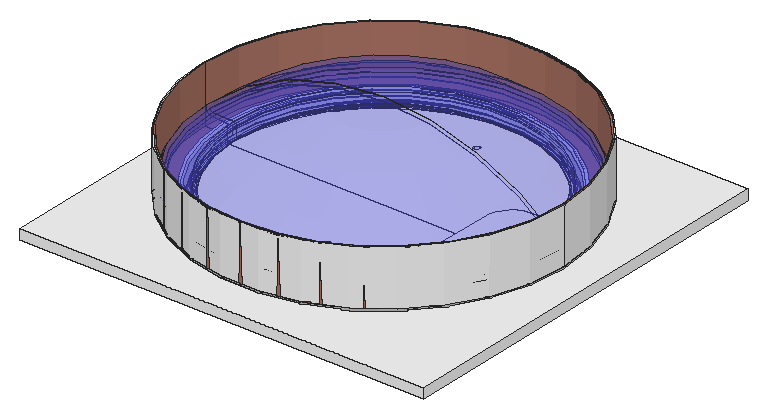
Revit family "BE_51078.6_de_DE", category Leuchten, Revit 2020
Family settings
  Basisbauteil = Fläche
  Bemaßung runder Anschluss = Durchmesser verwenden
  Teiletyp = Normal
  Beim Laden mit Abzugskörper schneiden = Ja
  Lichtquelle = Ja
  Gemeinsam genutzt = Nein
  Raumberechnungspunkt = Ja
Parameters (values of type "BEGA_51078.6_K3")
  built-in parameter 1150104 = 13.971 (stored number, unit not read)
  Wattage = 26.4 W
  Default Elevation = 0 mm
  built-in parameter 1150113 = 1 (stored number, unit not read)
  built-in parameter 1114218 = 1 (stored number, unit not read)
  Umgebungstemperatur = "25 °C"
  URL = "https://www.bega.com/de/produkt/51078.6"
  Typenkommentare = "© 2022 BEGA. Wir behalten uns das Recht vor, technische Änderungen ohne vorherige Ankündigung vorzunehmen."  # constant formula
  built-in parameter 1150134 = (empty or 0)
  built-in parameter 1150109 = 1 (stored number, unit not read)
  Strom = ""
  built-in parameter 1150110 = 1 (stored number, unit not read)
  Spannung = 239.996 V
  Sonderanfertigung = no
  Seriennummer [instance] = "Hier können Sie die eindeutige Seriennummer für das Facility Management eintragen."
  Schutzklasse = "I"
  Schutzart = "IP 20"
  Scheinlast = 0 VA
  Produktdatenblatt = "https://cdn.bega.com/bega/products/51078.6K3/current/documents/data-sheets/de"
  Oberflächentemperatur = ""
  Neigungswinkel = 0.00°
  Modell = "51078.6K3"
  Material_34 = BEGA_Oberfläche_Samtweiss_matt
  Material_29 = BEGA_Oberfläche_Kupfer_matt
  Material_14 = BEGA_Kunststoff_opal
  M_W = no
  M_G = no
  M_A = no
  Logo = 0
  built-in parameter 1114217 = 1 (stored number, unit not read)
  built-in parameter 1150139 = (empty or 0)
  built-in parameter 1150105 = 315.93 (stored number, unit not read)
  built-in parameter 1150114 = 1 (stored number, unit not read)
  Lumens = 3970.03 lm
  built-in parameter 1150115 = 1 (stored number, unit not read)
  Leuchtenlichtstrom = "2682 lm"
  Leuchtenanzahl = ""
  Lebensdauerkriterien = "L70B50 @ 25 °C = 195000 h"
  Lastklassifizierung = Beleuchtung
  built-in parameter 1150112 = 1 (stored number, unit not read)
  Lampenlichtstrom = "3970 lm"
  Lampe = "LED 26.4 W"
  LED_Modulbezeichnung = "LED-0510/930"
  Hersteller = "BEGA"  # constant formula
  Halbstreuwinkel = ""
  Gewicht = "2.35 kg"
  Gebrauchslageneinschränkung [instance] = ""
  Frequenz = "0/50-60 Hz"
  Farbwiedergabeindex = "CRI > 90"
  Farbtemperaturverschiebung bei Dämpfen der Lampe = <Keine Auswahl>
  Farbtemperatur = "3000 K"
  Color Filter = 16777215
  built-in parameter 1150133 = 10 (stored number, unit not read)
  Energieeffizienzklasse = "LED A++ - A"
  built-in parameter 1150137 = (empty or 0)
  built-in parameter 1150132 = (empty or 0)
  ENEC = ""
  Dimmbar [instance] = "DALI"
  Datei für fotometrisches Netz = "BE_51078-6K3.ies"
  CE_Konformität = "ja"
  Bestellnummer = "51078.6K3"
  Beschreibung_Sonderanfertigung = "Hier können Sie Informationen zur Sonderanfertigung eintragen."
  Beschreibung = "Deckenleuchte"
  built-in parameter 1150106 = 3.1593 (stored number, unit not read)
  Befestigungsbohrung = "Ø 5,5 mm"
  Befestigungsabstand = "230 mm"
  Ballwurfsicher = ""
  BEGA_Intern_aus = yes
  BEGA_Intern_an = yes
  BEGA_Intern_Konstruktion = yes
  BEGA_Intern = yes
  BEGA_IES = yes
  BEGA_Dummy = no
  Anschlussleitung = ""
  Anschlussleistung [instance] = "29.4 W"
  Anschlusskasten = ""
  built-in parameter 1150107 = 3000 (stored number, unit not read)
  built-in parameter 1150102 = (empty or 0)
  built-in parameter 1150138 = (empty or 0)
  Aktualisierung = "2022-12-20T04:00:02"
  Abstand_zur_angestrahlten_Fläche [instance] = ""
  AC/DC = "AC/DC"
Reference planes
  plane 1 "Mitte (Vorne/Hinten)": y = 0
  plane 2: z = 0
  plane 3 "Mitte (Links/Rechts)": x = 0
  plane 4 "Links": x = -179.192
  plane 5 "Rechts": x = 179.192
  plane 6 "Unten": y = -179.192
  plane 7 "Oben": y = 179.192
  plane 8 "Vorne": z = 99.046
  plane 9 "Hinten": z = 0
Forms (mm)
  Extrusion 1, solid, material "BEGA_Platte_Weiss"
    sketch origin (0, -1119.2, 0) x (1, 0, 0) y (0, 1, 0)
      loop
        line (-200, 1319.2) -> (-200, 919.2) -> (200, 919.2) -> (200, 1319.2) -> (-200, 1319.2)
    from 0 to -10
  Extrusion 2, solid, material "BEGA_Dummy_matt", visible <- "BEGA_Dummy"
    sketch origin (77.149, -76.023, 0) x (1, 0, 0) y (0, 1, 0)
      loop
        circle (-77.149, 76.023) r 179.192
    from 0 to 99.046
Dimensions and locks
  plane 1 "Mitte (Vorne/Hinten)" to Extrusion 1 = 200 mm
  aligned and locked: plane 2 to Extrusion 1
  aligned and locked: Extrusion 1 to level
Nested families
  nested 1: "BE_51078.6_Leuchte" at (0, 0, 0), type "BE_51078.6_Leuchte"
Connectors
  electrical at (0, 0, 0), driven by "Lastklassifizierung", driven by "Spannung", driven by "Scheinlast"
    settings: index 1, voltage 239.996 V, apparent load 0 VA, apparent load phase1 0 VA, apparent load phase2 0 VA, apparent load phase3 0 VA, power factor 1, load classification "Beleuchtung", number of poles 1, system type 31, power factor state 1, is connector primary yes, connector utility no, sub classification motor no, connector description ""
Definition of nested family "BE_51078.6_Leuchte"
  Parameters (values of type "BE_51078.6_Leuchte")
    Default Elevation = 1 mm
    URL = "http://www.bega.de/de/produkt"
    Type Comments = "© 2015 BEGA. Wir behalten uns das Recht vor, technische Änderungen ohne vorherige Ankündigung vorzunehmen. "  # constant formula
    Type Image = (empty or 0)
    Material_34 = none
    Material_29 = none
    Material_14 = none
    Länge_Platte = 200 mm  # constant formula
    Höhe_Platte = -10 mm  # constant formula
    Manufacturer = "BEGA"  # constant formula
    Breite_Platte = 200 mm  # constant formula
  Reference planes
    plane 1 "Mitte (Oben/Unten)": y = 0
    plane 2: z = 0
    plane 3 "Mitte (Links/Rechts)": x = 0
    plane 4: z = 99.046
    plane 5: z = 0
    plane 6: x = 179.192
    plane 7: x = -179.192
    plane 8: y = 179.192
    plane 9: y = -179.192
  Forms (mm)
    Extrusion 1, solid, detail levels medium
      sketch origin (0, 0, 0) x (1, 0, 0) y (0, 1, 0)
        loop
          line (-100, 100) -> (-100, -100) -> (100, -100) -> (100, 100) -> (-100, 100)
      from 0 to -10 <- "Höhe_Platte"
    Revolve 2, solid, material <- "Material_34"
      sketch origin (0, 0, 0) x (1, 0, 0) y (0, 0, 1)
        loop
          line (179.192, 66.993) -> (178.192, 66.997) -> (178.192, 11.994)
          arc (178.192, 11.994) -> (177.755, 10.939) -> (176.699, 10.501) r 1.493
          line (176.699, 10.501) -> (157.14, 10.501) -> (156.999, 2.422)
          arc (156.999, 2.422) -> (156.55, 1.414) -> (155.526, 1) r 1.474
          line (155.526, 1) -> (152, 1) -> (152, 0) -> (155.5, 0)
          arc (155.5, 0) -> (157.252, 0.717) -> (158, 2.456) r 2.5
          line (158, 2.456) -> (158.123, 9.5) -> (176.5, 9.5)
          arc (176.5, 9.5) -> (178.265, 10.229) -> (179, 11.991) r 2.5
          line (179, 11.991) -> (179.192, 66.993)
        axis (0, 0) -> (0, 66.997)
      angle from 0 to 360
    Revolve 3, solid, material <- "Material_34"
      sketch origin (0, 0, 0) x (1, 0, 0) y (0, 0, 1)
        loop
          arc (156.831, 21) -> (155.565, 20.486) -> (155.025, 19.231) r 1.8
          line (155.025, 19.231) -> (154.767, 4.483)
          arc (154.767, 4.483) -> (154.467, 3.786) -> (153.765, 3.5) r 1
          line (153.765, 3.5) -> (0, 3.5) -> (0, 2.5) -> (153.767, 2.5)
          arc (153.767, 2.5) -> (155.169, 3.073) -> (155.767, 4.465) r 2
          line (155.767, 4.465) -> (156.024, 19.214)
          arc (156.024, 19.214) -> (156.265, 19.772) -> (156.829, 20) r 0.8
          line (156.829, 20) -> (159, 20) -> (159, 21) -> (156.831, 21)
        axis (0, 2.5) -> (0, 21)
      angle from 0 to 360
    Extrusion 4, solid, material <- "Material_34"
      sketch origin (0, 0, 0) x (1, 0, 0) y (0, 1, 0)
        loop
          circle (0, 115) r 7.599
        loop
          circle (0, -115) r 7.599
      from 0 to 2.496
    Extrusion 5, void
      sketch origin (0, 0, 0) x (1, 0, 0) y (0, 1, 0)
        loop
          circle (0, 115) r 2.75
        loop
          circle (0, -115) r 2.75
      from 0 to 3.5
    Extrusion 6, solid, material <- "Material_34"
      sketch origin (0, 0, 0) x (1, 0, 0) y (0, 1, 0)
        loop
          arc (132.763, 31.165) -> (103.397, 51.798) -> (79.523, 25) r 26.977
          line (79.523, 25) -> (79.523, -25)
          arc (79.523, -25) -> (103.397, -51.798) -> (132.763, -31.165) r 26.977
          arc (132.763, -31.165) -> (136.372, 0) -> (132.763, 31.165) r 136.372
      from 0 to 10.372
    Extrusion 7, void
      sketch origin (0, 0, 0) x (1, 0, 0) y (0, 1, 0)
        loop
          circle (115, 20) r 5
        loop
          circle (115, -20) r 5
      from 0 to 10.378
    Revolve 8, solid, material <- "Material_14"
      sketch origin (0, 0, 0) x (1, 0, 0) y (0, 0, 1)
        loop
          line (0, 99) -> (0, 95.002)
          arc (0, 95.002) -> (91.349, 78.078) -> (170.572, 29.553) r 255
          arc (170.572, 29.553) -> (171.135, 27.446) -> (169.438, 26.077) r 2
          line (169.438, 26.077) -> (148.779, 24.994)
          arc (148.779, 24.994) -> (146.42, 24.057) -> (145.1, 21.889) r 4
          line (145.1, 21.889) -> (145.1, 11.674)
          arc (145.1, 11.674) -> (145.499, 10.179) -> (146.589, 9.081) r 3.001
          line (146.589, 9.081) -> (148.759, 7.828)
          arc (148.759, 7.828) -> (149.782, 6.844) -> (150.238, 5.5) r 3.001
          line (150.238, 5.5) -> (154.25, 5.5) -> (154.25, 8.816)
          arc (154.25, 8.816) -> (154.143, 9.216) -> (153.85, 9.509) r 0.8
          line (153.85, 9.509) -> (149.398, 12.079)
          arc (149.398, 12.079) -> (149.106, 12.374) -> (149, 12.775) r 0.8
          line (149, 12.775) -> (149, 17) -> (149, 20.051)
          arc (149, 20.051) -> (149.275, 20.739) -> (149.948, 21.05) r 1
          line (149.948, 21.05) -> (169.545, 22.077)
          arc (169.545, 22.077) -> (174.883, 26.053) -> (173.266, 32.51) r 6
          arc (173.266, 32.51) -> (92.793, 81.807) -> (0, 99) r 258.999
        axis (0, 5.5) -> (0, 99)
      angle from 0 to 360
    Revolve 9, solid, material <- "Material_29"
      sketch origin (0, 0, 0) x (1, 0, 0) y (0, 0, 1)
        loop
          line (178.194, 66.993) -> (177.194, 66.993) -> (177.194, 11.501) -> (156.157, 11.501) -> (155.991, 2) -> (152, 2) -> (152, 1) -> (155.577, 1)
          arc (155.577, 1) -> (156.582, 1.417) -> (156.999, 2.422) r 1.422
          line (156.999, 2.422) -> (157.14, 10.501) -> (176.699, 10.501)
          arc (176.699, 10.501) -> (177.756, 10.939) -> (178.194, 11.996) r 1.494
          line (178.194, 11.996) -> (178.194, 66.993)
        axis (0, 1) -> (0, 66.993)
      angle from 0 to 360
  Cuts and joins
    Extrusion 5, Extrusion 7 cuts Revolve 3
    Extrusion 5, Extrusion 7 cuts Extrusion 4
    Extrusion 7 cuts Extrusion 6
    joined: Revolve 3, Extrusion 4, Extrusion 6
  Dimensions and locks
    equal spacing: Extrusion 1 sketch curve, plane 3 "Mitte (Links/Rechts)", Extrusion 1 sketch curve
    equal spacing: Extrusion 1 sketch curve, plane 1 "Mitte (Oben/Unten)", Extrusion 1 sketch curve
    "Länge_Platte": Extrusion 1 sketch curve to Extrusion 1 sketch curve
    "Breite_Platte": Extrusion 1 sketch curve to Extrusion 1 sketch curve
    plane 1 "Mitte (Oben/Unten)" to Extrusion 1 = 100 mm  (x3)
    locked: plane 5 to level
    aligned and locked: plane 2 to Extrusion 1
    aligned and locked: level to Extrusion 1
  Automatic sketch dimensions
    Revolve 3 sketch curve to Revolve 3 sketch curve = 0 mm  (x12)
    Revolve 3 sketch curve to Revolve 3 sketch curve = 3.057 mm
    Revolve 3 sketch curve to Revolve 3 sketch curve = 0.004 mm
    Revolve 3 sketch curve to Revolve 3 sketch curve = 0.002 mm  (x2)
    Revolve 3 sketch curve to Revolve 3 sketch curve = 2.169 mm
    Revolve 3 sketch curve to Revolve 3 sketch curve = 14.7 mm
    Revolve 3 sketch curve to Revolve 3 sketch curve = 0.8 mm  (x2)
    Revolve 3 sketch curve to Revolve 3 sketch curve = 1 mm  (x4)
    Revolve 3 sketch curve to Revolve 3 sketch curve = 153.767 mm
    level to Revolve 3 sketch curve = 4.483 mm
    level to Revolve 3 sketch curve = 19.231 mm
    Revolve 3 sketch curve to Revolve 3 sketch curve = 1.8 mm
    level to Revolve 3 sketch curve = 4.465 mm
    level to Revolve 3 sketch curve = 19.214 mm
    Revolve 3 sketch curve to plane 3 "Mitte (Links/Rechts)" = 0 mm
    level to Revolve 3 sketch curve = 2.5 mm
    plane 1 "Mitte (Oben/Unten)" to Extrusion 6 sketch curve = 0 mm
    Extrusion 6 sketch curve to plane 3 "Mitte (Links/Rechts)" = 0 mm
    Extrusion 6 sketch curve to plane 1 "Mitte (Oben/Unten)" = 25 mm  (x2)
    plane 3 "Mitte (Links/Rechts)" to Extrusion 6 sketch curve = 106.5 mm
    Extrusion 6 sketch curve to Extrusion 6 sketch curve = 0 mm  (x2)
    plane 1 "Mitte (Oben/Unten)" to Extrusion 6 sketch curve = 25 mm  (x2)
    Extrusion 6 sketch curve to Extrusion 6 sketch curve = 26.977 mm
    Revolve 8 sketch curve to plane 3 "Mitte (Links/Rechts)" = 0.003 mm
    plane 3 "Mitte (Links/Rechts)" to Revolve 8 sketch curve = 0 mm
    level to Revolve 8 sketch curve = 28.069 mm
    Revolve 8 sketch curve to level = 159.999 mm
    Revolve 8 sketch curve to Revolve 8 sketch curve = 0.001 mm
    level to Revolve 8 sketch curve = 95.002 mm
    Revolve 8 sketch curve to Revolve 8 sketch curve = 0.314 mm
    Revolve 8 sketch curve to Revolve 8 sketch curve = 1.34 mm
    Revolve 8 sketch curve to Revolve 8 sketch curve = 2.694 mm
    Revolve 8 sketch curve to Revolve 8 sketch curve = 5.992 mm
    Revolve 8 sketch curve to Revolve 8 sketch curve = 0.003 mm
    Revolve 8 sketch curve to Revolve 8 sketch curve = 0.002 mm
    Revolve 8 sketch curve to Revolve 8 sketch curve = 0.207 mm
    Revolve 8 sketch curve to Revolve 8 sketch curve = 1.99 mm
    level to Revolve 8 sketch curve = 24.994 mm
    Revolve 8 sketch curve to Revolve 8 sketch curve = 20.659 mm
    level to Revolve 8 sketch curve = 21.05 mm
    Revolve 8 sketch curve to Revolve 8 sketch curve = 1.168 mm
    level to Revolve 8 sketch curve = 22.077 mm
    Revolve 8 sketch curve to Revolve 8 sketch curve = 0 mm  (x11)
    Revolve 8 sketch curve to Revolve 8 sketch curve = 0.948 mm
    Revolve 8 sketch curve to Revolve 8 sketch curve = 0.05 mm
    Revolve 8 sketch curve to Revolve 8 sketch curve = 3.9 mm  (x2)
    level to Revolve 8 sketch curve = 20.051 mm
    Revolve 8 sketch curve to Revolve 8 sketch curve = 1 mm
    level to Revolve 8 sketch curve = 17 mm
    Revolve 8 sketch curve to Revolve 8 sketch curve = 5.326 mm
    Revolve 8 sketch curve to Revolve 8 sketch curve = 0.8 mm  (x2)
    Revolve 8 sketch curve to Revolve 8 sketch curve = 4.229 mm
    Revolve 8 sketch curve to Revolve 8 sketch curve = 0.004 mm
    Revolve 8 sketch curve to Revolve 8 sketch curve = 0.398 mm
    level to Revolve 8 sketch curve = 9.509 mm
    Revolve 8 sketch curve to Revolve 8 sketch curve = 4.452 mm
    Revolve 8 sketch curve to Revolve 8 sketch curve = 0.4 mm
    Revolve 8 sketch curve to Revolve 8 sketch curve = 4.009 mm
    Revolve 8 sketch curve to Revolve 8 sketch curve = 0.693 mm
    Revolve 8 sketch curve to Revolve 8 sketch curve = 4.012 mm
    Revolve 8 sketch curve to Revolve 8 sketch curve = 2.99 mm
    Revolve 8 sketch curve to Revolve 8 sketch curve = 0.266 mm
    Revolve 8 sketch curve to Revolve 8 sketch curve = 1.479 mm
    level to Revolve 8 sketch curve = 9.081 mm
    Revolve 8 sketch curve to Revolve 8 sketch curve = 2.171 mm
    Revolve 8 sketch curve to Revolve 8 sketch curve = 1.297 mm
    Revolve 8 sketch curve to Revolve 8 sketch curve = 0.406 mm
    Revolve 8 sketch curve to plane 3 "Mitte (Links/Rechts)" = 0 mm
    Revolve 2 sketch curve to plane 3 "Mitte (Links/Rechts)" = 0 mm
    Revolve 2 sketch curve to level = 0 mm
    Revolve 2 sketch curve to plane 6 = 0 mm
    level to Revolve 2 sketch curve = 1 mm
    Revolve 2 sketch curve to plane 6 = 27.192 mm
    Revolve 2 sketch curve to Revolve 2 sketch curve = 3.5 mm
    Revolve 2 sketch curve to Revolve 2 sketch curve = 0.026 mm  (x2)
    level to Revolve 2 sketch curve = 2.422 mm
    Revolve 2 sketch curve to Revolve 2 sketch curve = 1.473 mm
    Revolve 2 sketch curve to Revolve 2 sketch curve = 0.141 mm
    level to Revolve 2 sketch curve = 9.5 mm
    Revolve 2 sketch curve to Revolve 2 sketch curve = 0.983 mm
    Revolve 2 sketch curve to Revolve 2 sketch curve = 0.199 mm  (x2)
    Revolve 2 sketch curve to Revolve 2 sketch curve = 1.001 mm  (x2)
    Revolve 2 sketch curve to Revolve 2 sketch curve = 1.493 mm
    Revolve 2 sketch curve to Revolve 2 sketch curve = 0.006 mm
    Revolve 2 sketch curve to plane 4 = 32.053 mm
    Revolve 2 sketch curve to Revolve 2 sketch curve = 0.003 mm
    Revolve 2 sketch curve to Revolve 2 sketch curve = 0 mm  (x6)
    level to Revolve 2 sketch curve = 2.456 mm
    Revolve 2 sketch curve to plane 6 = 0.192 mm
    Revolve 2 sketch curve to level = 609.6 mm
    level to Revolve 2 sketch curve = 0 mm
    plane 4 to Revolve 2 sketch curve = 2510.013 mm
    Revolve 2 sketch curve to plane 6 = 1 mm
    Revolve 9 sketch curve to plane 6 = 23.615 mm
    Revolve 9 sketch curve to Revolve 9 sketch curve = 0.415 mm
    level to Revolve 9 sketch curve = 11.501 mm
    Revolve 9 sketch curve to Revolve 9 sketch curve = 0.581 mm
    Revolve 9 sketch curve to Revolve 9 sketch curve = 1.008 mm
    Revolve 9 sketch curve to Revolve 9 sketch curve = 0.983 mm
    Revolve 9 sketch curve to plane 6 = 2.493 mm
    Revolve 9 sketch curve to Revolve 9 sketch curve = 0.494 mm
    Revolve 9 sketch curve to plane 6 = 0.998 mm
    Revolve 9 sketch curve to Revolve 9 sketch curve = 1 mm  (x2)
    Revolve 9 sketch curve to plane 4 = 32.053 mm
    Revolve 9 sketch curve to Revolve 9 sketch curve = 3.577 mm
    level to Revolve 9 sketch curve = 1 mm
